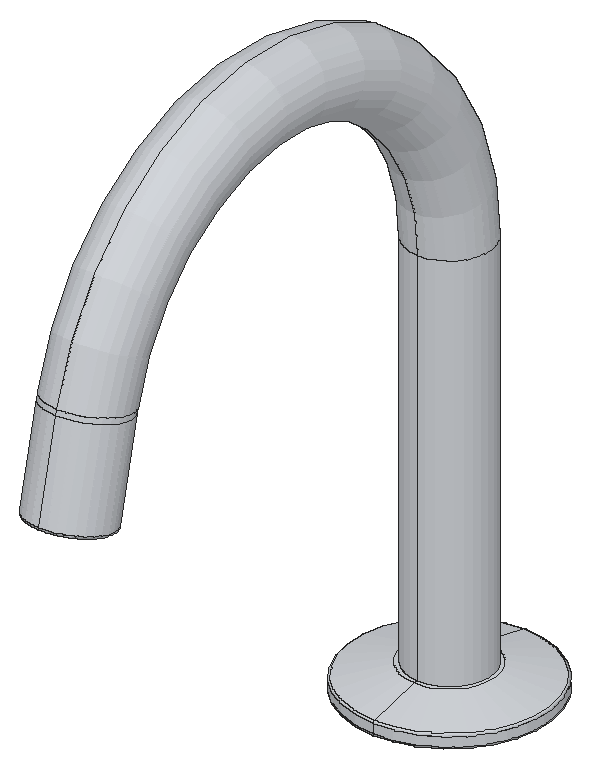
Revit family "Faucet_Touchless-Lavatory-KOHLER-Components-K-103MT79", category Plumbing Fixtures, host Face, Revit 2021
Family settings
  Host = Face
  Round Connector Dimension = Use Diameter
  Part Type = Normal
  OmniClass Number = 23.31.11.00
  Cut with Voids When Loaded = No
  Shared = No
  Room Calculation Point = No
Parameters (values of type "0.5 GPM, CP-Polished Chrome")
  Width = 2.3622"  # constant formula
  WaterSense Certified = 1 = 0  # no
  Waste Water Outlet = "Waste Water Outlet"  # constant formula
  Waste Connection = 1 = 0  # no
  Voltage = 220 V  # constant formula
  Vent Connection = 1 = 0  # no
  URL = "https://www.us.kohler.com/us/"
  Type = 1
  Spout Reach = 5.75591"  # constant formula
  Product Page URL = "http://www.us.kohler.com/us/catalog/productDetails.jsp?productNumber=103MT79-SANA"
  Product Name = "Components"  # constant formula
  Product Documentation Link = "https://www.us.kohler.com/webassets/kpna/catalog/pdf/en/K-103MT79-SANA_spec_US-CA_Kohler_en.pdf"
  Pressure = 0.00 psi
  Model = if(Type = 1, "K-103MT79-SANA-CP", "NA")  # "K-103MT79-SANA-CP"
  Material = "Premium Metal Construction"  # constant formula
  Master Format 2014 Name = "Residential Faucets, Supplies, and Trim"  # constant formula
  Master Format 2014 = "22 41 39"  # constant formula
  Manufacturer Address = "444 Highland Dr, Kohler, WI 53044"  # constant formula
  Manufacturer = "Kohler Co."  # constant formula
  Length = Spout Reach  # 5.75591"
  Hot Water Inlet = "Hot Water Inlet"  # constant formula
  Height = 8.38583"  # constant formula
  HW Connection = 1 = 0  # no
  Flow Rate = 0.5 GPM  # constant formula
  Finish = Kohler-Metal-CP-Polished_Chrome
  Environmental Product Declaration = ""
  Electrical Note = "One Dedicated Circuit Required"  # constant formula
  Electrical Connector = 1 = 1  # yes
  Drain Included = 1 = 1  # yes
  Description = "TB S Deck Mount 0.5 GPM Base AC Cold Only IO"  # constant formula
  Default Elevation = 36"
  Declare Label = ""
  Date Modified = "02/28/2024"  # constant formula
  Date Created = "02/28/2024"  # constant formula
  Copyright = "Copyright Kohler Co."  # constant formula
  Contact Us = "https://www.us.kohler.com/us/static/contact.jsp"
  Cold Water Inlet = "Cold Water Inlet"  # constant formula
  CW Connection = 1 = 1  # yes
  Assembly Code = "D2010"
  Apparent Load = 0 VA
  ADA Compliant = 1 = 0  # no
Reference planes (in)
  plane 1 "Center (Front/Back)": y = 0
  plane 2: z = 0
  plane 3 "Center (Left/Right)": x = 0
  plane 4: y = 1.18111
  plane 5: y = -1.18109
  plane 6: x = -1.1811
  plane 7: x = 1.1811
  plane 8: y = -6.38145
  plane 9: x = -0.49213
  plane 10: x = 0.49213
  plane 11: y = 0.49213
  plane 12: z = 8.38583
  plane 13: z = 4.40945
  plane 14: z = 0.16114
  plane 15: z = 0.31486
  plane 16: z = 0.14187
  plane 17: through (0, 1.1811, 2.80687) normal (0, 0.225, 0.9744)
  plane 18: y = -0.49213
  plane 19: y = -5.75591
Dimensions and locks (in)
  plane 4 to plane 8 = 7.56256"
  plane 6 to plane 7 = 2.3622"
  plane 9 to plane 10 = 0.98425"  (x2)
  plane 8 to plane 1 "Center (Front/Back)" = 6.38145"
  plane 4 to plane 5 = 2.3622"
  "Height": plane 12 to level
  "Width": plane 6 to plane 7
  plane 15 to level = 0.31486"
  plane 13 to level = 4.40945"
  plane 1 "Center (Front/Back)" to plane 8 = 6.38145"
  plane 1 "Center (Front/Back)" to plane 19 = 5.75591"
  level to plane 12 = 8.38583"
  level to plane 13 = 4.40945"
  "Length": plane 1 "Center (Front/Back)" to plane 19
  aligned and locked: plane 2 to host face
  aligned and locked: level to host face
Automatic sketch dimensions
  host sketch curve to host sketch curve = 96"  (x2)
Nested families (in)
  nested 1: "K-103MT79" at (0, 0, 0), type "K-103MT79"
Connectors (in)
  piping at (0, 0, 0), diameter 0.5, driven by "Flow Rate", driven by "CW Connection", driven by "Cold Water Inlet"
    settings: on nested 1, index 1, connector inside diameter 24", connector length 0", flow factor 0, pipe flow 0.5 GPM, pressure drop 0.00 psi, fitting loss kfactor 0, connector angle 0.00°, fixture units 0, engagement length 0", angle of deflection 0.00°, flow configuration 1, flow direction 1, fitting loss method 0, system type 20, joint type 0, gender type 0, connector reference index -1, connector utility 1, adjustable connector no, is connector primary yes, connector description "Cold Water Inlet"
  electrical at (0, 0, 0), driven by "Voltage", driven by "Electrical Connector", driven by "Electrical Note"
    settings: on nested 1, index 2, voltage 220 V, apparent load 0 VA, apparent load phase1 0 VA, apparent load phase2 0 VA, apparent load phase3 0 VA, power factor 1, load classification "Power", number of poles 1, system type 30, power factor state 1, is connector primary yes, connector utility yes, sub classification motor no, connector description "One Dedicated Circuit Required"
Definition of nested family "K-103MT79"
  Parameters
    Material = none
    Default Elevation = 0"
  Reference planes (in)
    plane 1 "Center (Front/Back)": y = 0
    plane 2: z = 0
    plane 3 "Center (Left/Right)": x = 0
    plane 4: z = 8.38583
    plane 5: x = -0.49213
    plane 6: x = 0.49213
    plane 7: x = -1.1811
    plane 8: x = 1.1811
    plane 9: y = 0.49213
    plane 10: y = -0.49213
    plane 11: y = 1.1811
    plane 12: y = -1.1811
    plane 13: z = 4.40945
    plane 14: y = -6.38145
    plane 15: z = 0.31486
    plane 16: z = 0.16114
    plane 17: z = 0.14187
    plane 18 "AA": through (0, -5.85373, 4.45372) normal (0, 0.225, 0.9744)
    plane 19: through (0, -5.44585, 4.35249) normal (0, 0.225, 0.9744)
    plane 20: through (0, -6.01229, 4.4676) normal (0, -0.225, -0.9744)
  Forms (in)
    Revolve 1, solid, material <- "Material", detail levels medium+fine
      sketch origin (0, 0, 0) x (0, 1, 0) y (0, 0, 1)
        loop
          arc (1.16142, 0) -> (1.17534, 0.00577) -> (1.1811, 0.01969) r 0.01969
          line (1.1811, 0.01969) -> (1.1811, 0.13546)
          arc (1.1811, 0.13546) -> (1.17511, 0.1527) -> (1.15971, 0.1625) r 0.02779
          line (1.15971, 0.1625) -> (0.54311, 0.30838)
          arc (0.54311, 0.30838) -> (0.51554, 0.31323) -> (0.4876, 0.31486) r 0.24114
          line (0.4876, 0.31486) -> (0, 0.31486) -> (0, 0) -> (1.16142, 0)
        axis (0, 0.31486) -> (0, 0)
      angle from 0 to 360
    Sweep 2, solid, material <- "Material", detail levels medium+fine
      path origin (0, 0, 0) x (0, 1, 0) y (0, 0, 1)
        loop
          line (-5.71344, 5.30848) -> (-5.62488, 5.69209)
          arc (-5.62488, 5.69209) -> (-2.52644, 7.88185) -> (0, 5.05121) r 2.84895
          line (0, 5.05121) -> (0, 0.21572)
      profile origin (0, 0, 2.63347) x (1, 0, 0) y (0, 1, 0)
        loop
          circle (0, 0) r 0.49213
    Revolve 3, solid, material <- "Material", detail levels medium+fine
      sketch origin (0, 0, 0) x (0, 1, 0) y (0, 0, 1)
        loop
          line (-5.90789, 4.46625) -> (-5.63893, 5.63124) -> (-6.11844, 5.74195) -> (-6.38209, 4.59997)
          arc (-6.38209, 4.59997) -> (-6.3791, 4.58213) -> (-6.36439, 4.57164) r 0.02362
          line (-6.36439, 4.57164) -> (-5.90789, 4.46625)
        axis (-5.63893, 5.63124) -> (-5.90789, 4.46625)
      angle from 0 to 360
    Extrusion 4, void
      sketch origin (0, 0.67997, 2.94529) x (0, 0.97437, -0.224951) y (-1, 0, 0)
        loop
          circle (-6.5984, 0.00027) r 0.28331
      from -0.37167 to 0.45149
    Extrusion 5, solid, detail levels medium+fine
      sketch origin (0, 0.67997, 2.94529) x (0, 0.97437, -0.224951) y (-1, 0, 0)
        loop
          arc (-6.31509, 0.00027) -> (-6.3159, 0.02172) -> (-6.31834, 0.04304) r 0.28331
          line (-6.31834, 0.04304) -> (-6.38091, 0.04304)
          arc (-6.38091, 0.04304) -> (-6.37675, 0.00124) -> (-6.38054, -0.04059) r 0.22165
          line (-6.38054, -0.04059) -> (-6.31805, -0.04059)
          arc (-6.31805, -0.04059) -> (-6.31583, -0.02021) -> (-6.31509, 0.00027) r 0.28331
        loop
          arc (-6.88171, 0.00027) -> (-6.8809, -0.0211) -> (-6.87849, -0.04234) r 0.28331
          line (-6.87849, -0.04234) -> (-6.81592, -0.04234)
          arc (-6.81592, -0.04234) -> (-6.82005, 0.00198) -> (-6.81524, 0.04623) r 0.22165
          line (-6.81524, 0.04623) -> (-6.87796, 0.04623)
          arc (-6.87796, 0.04623) -> (-6.88077, 0.02333) -> (-6.88171, 0.00027) r 0.28331
        loop
          arc (-6.78469, 0.12038) -> (-6.75625, 0.15588) -> (-6.72116, 0.18483) r 0.22165
          line (-6.72116, 0.18483) -> (-6.76544, 0.2291)
          arc (-6.76544, 0.2291) -> (-6.79984, 0.19949) -> (-6.82907, 0.16476) r 0.28331
          line (-6.82907, 0.16476) -> (-6.78469, 0.12038)
        loop
          arc (-6.64461, 0.21706) -> (-6.60315, 0.22188) -> (-6.56153, 0.21884) r 0.22165
          line (-6.56153, 0.21884) -> (-6.56153, 0.28117)
          arc (-6.56153, 0.28117) -> (-6.60312, 0.28354) -> (-6.64461, 0.27979) r 0.28331
          line (-6.64461, 0.27979) -> (-6.64461, 0.21706)
        loop
          arc (-6.47706, 0.18576) -> (-6.44304, 0.15836) -> (-6.41504, 0.12482) r 0.22165
          line (-6.41504, 0.12482) -> (-6.37084, 0.16903)
          arc (-6.37084, 0.16903) -> (-6.40139, 0.20386) -> (-6.43721, 0.23326) r 0.28331
          line (-6.43721, 0.23326) -> (-6.47706, 0.18576)
        loop
          arc (-6.41731, -0.12754) -> (-6.44401, -0.15876) -> (-6.47601, -0.18453) r 0.22165
          line (-6.47601, -0.18453) -> (-6.43172, -0.22882)
          arc (-6.43172, -0.22882) -> (-6.39663, -0.19861) -> (-6.36693, -0.16309) r 0.28331
          line (-6.36693, -0.16309) -> (-6.41731, -0.12754)
        loop
          arc (-6.55791, -0.21765) -> (-6.6011, -0.22137) -> (-6.64419, -0.2166) r 0.22165
          line (-6.64419, -0.2166) -> (-6.64419, -0.27931)
          arc (-6.64419, -0.27931) -> (-6.60108, -0.28302) -> (-6.55791, -0.28013) r 0.28331
          line (-6.55791, -0.28013) -> (-6.55791, -0.21765)
        loop
          line (-6.78424, -0.12053) -> (-6.82859, -0.16488)
          arc (-6.82859, -0.16488) -> (-6.79802, -0.20077) -> (-6.76192, -0.23109) r 0.28331
          line (-6.76192, -0.23109) -> (-6.72301, -0.18304)
          arc (-6.72301, -0.18304) -> (-6.75674, -0.15484) -> (-6.78424, -0.12053) r 0.22165
      from -0.01199 to 0.52506
    Extrusion 6, solid, detail levels medium+fine
      sketch origin (0, 0.67997, 2.94529) x (0, 0.97437, -0.224951) y (-1, 0, 0)
        loop
          circle (-6.5984, 0.00027) r 0.18057
        loop
          circle (-6.5984, 0.00027) r 0.0353
        loop
          line (-6.70759, 0.00197) -> (-6.69186, -0.02527) -> (-6.6604, -0.02527) -> (-6.64467, 0.00197) -> (-6.6604, 0.02922) -> (-6.69186, 0.02922) -> (-6.70759, 0.00197)
        loop
          line (-6.70759, -0.06957) -> (-6.69186, -0.09681) -> (-6.6604, -0.09681) -> (-6.64467, -0.06957) -> (-6.6604, -0.04232) -> (-6.69186, -0.04232) -> (-6.70759, -0.06957)
        loop
          line (-6.49076, -0.0011) -> (-6.50648, 0.02614) -> (-6.53794, 0.02614) -> (-6.55367, -0.0011) -> (-6.53794, -0.02835) -> (-6.50648, -0.02835) -> (-6.49076, -0.0011)
        loop
          line (-6.49076, -0.07264) -> (-6.50648, -0.0454) -> (-6.53794, -0.0454) -> (-6.55367, -0.07264) -> (-6.53794, -0.09988) -> (-6.50648, -0.09988) -> (-6.49076, -0.07264)
        loop
          line (-6.70759, 0.07351) -> (-6.69186, 0.04626) -> (-6.6604, 0.04626) -> (-6.64467, 0.07351) -> (-6.6604, 0.10075) -> (-6.69186, 0.10075) -> (-6.70759, 0.07351)
        loop
          line (-6.49076, 0.07043) -> (-6.50648, 0.09768) -> (-6.53794, 0.09768) -> (-6.55367, 0.07043) -> (-6.53794, 0.04319) -> (-6.50648, 0.04319) -> (-6.49076, 0.07043)
        loop
          line (-6.56809, 0.06428) -> (-6.58382, 0.09152) -> (-6.61528, 0.09152) -> (-6.63101, 0.06428) -> (-6.61528, 0.03704) -> (-6.58382, 0.03704) -> (-6.56809, 0.06428)
        loop
          line (-6.56809, 0.12988) -> (-6.58382, 0.15712) -> (-6.61528, 0.15712) -> (-6.63101, 0.12988) -> (-6.61528, 0.10264) -> (-6.58382, 0.10264) -> (-6.56809, 0.12988)
        loop
          line (-6.56809, -0.06681) -> (-6.58382, -0.03957) -> (-6.61528, -0.03957) -> (-6.63101, -0.06681) -> (-6.61528, -0.09406) -> (-6.58382, -0.09406) -> (-6.56809, -0.06681)
        loop
          line (-6.56809, -0.13241) -> (-6.58382, -0.10517) -> (-6.61528, -0.10517) -> (-6.63101, -0.13241) -> (-6.61528, -0.15966) -> (-6.58382, -0.15966) -> (-6.56809, -0.13241)
      from 0.02783 to 0.69865
    Extrusion 7, solid, detail levels medium+fine
      sketch origin (0, 0.67997, 2.94529) x (0, 0.97437, -0.224951) y (-1, 0, 0)
        loop
          circle (-6.5984, 0.00027) r 0.18057
        loop
          circle (-6.5984, 0.00027) r 0.20412
      from 0 to 0.45149
    Extrusion 8, solid, detail levels medium+fine
      sketch origin (0, 0.67997, 2.94529) x (0, 0.97437, -0.224951) y (-1, 0, 0)
        loop
          circle (-6.5984, 0.00027) r 0.28331
        loop
          circle (-6.5984, 0.00027) r 0.20412
      from 0.03685 to 1.13893
    Extrusion 9, solid, material <- "Material"
      sketch origin (0, 0, 0) x (1, 0, 0) y (0, 1, 0)
        loop
          circle (0, 0) r 0.09843
      from 0 to 0.21572
    Revolve 10, solid, material <- "Material", detail levels coarse
      sketch origin (0, 0, 0) x (0, 1, 0) y (0, 0, 1)
        loop
          line (1.1811, 0) -> (1.1811, 0.12604)
          arc (1.1811, 0.12604) -> (1.17252, 0.15058) -> (1.1505, 0.16442) r 0.03937
          line (1.1505, 0.16442) -> (0.53899, 0.30415)
          arc (0.53899, 0.30415) -> (0.49182, 0.31217) -> (0.44405, 0.31486) r 0.42621
          line (0.44405, 0.31486) -> (0, 0.31486) -> (0, 0) -> (1.1811, 0)
        axis (0, 0.31486) -> (0, 0)
      angle from 0 to 360
    Sweep 11, solid, material <- "Material", detail levels coarse
      path origin (0, 0, 0) x (0, 1, 0) y (0, 0, 1)
        loop
          line (-5.90344, 4.46875) -> (-5.63491, 5.63187)
          arc (-5.63491, 5.63187) -> (-2.53094, 7.82553) -> (0, 4.98985) r 2.85403
          line (0, 4.98985) -> (0, 0.14187)
      profile origin (0, 0, 2.56586) x (1, 0, 0) y (0, 1, 0)
        loop
          circle (0, 0) r 0.49213
    Extrusion 12, solid, detail levels coarse
      sketch origin (0, 0.67997, 2.94529) x (0, 0.97437, -0.224951) y (-1, 0, 0)
        loop
          circle (-6.5984, 0.00027) r 0.28331
      from 0.00347 to 0.69865
  Cuts and joins
    Extrusion 4 cuts Revolve 3
    joined: Sweep 2, Revolve 3
    Extrusion 4 cuts Sweep 11
  Lines and regions (in)
    Masking region 1
      outline origin (0, 0, 0) x (1, 0, 0) y (0, 1, 0)
        loop
          arc (-1.1811, 0) -> (-0.99405, -0.63787) -> (-0.49213, -1.07369) r 1.1811
          line (-0.49213, -1.07369) -> (-0.49213, -5.91883)
          arc (-0.49213, -5.91883) -> (-0.42001, -6.14984) -> (-0.24592, -6.31793) r 0.48878
          arc (-0.24592, -6.31793) -> (-0.12704, -6.3653) -> (-0.00009, -6.38145) r 0.50783
          arc (-0.00009, -6.38145) -> (0.12695, -6.36532) -> (0.24592, -6.31793) r 0.50783
          arc (0.24592, -6.31793) -> (0.41953, -6.15066) -> (0.49213, -5.92077) r 0.48901
          line (0.49213, -5.92077) -> (0.49213, -1.07369)
          arc (0.49213, -1.07369) -> (0.99405, -0.63787) -> (1.1811, 0) r 1.1811
          arc (1.1811, 0) -> (0.83517, 0.83517) -> (0, 1.1811) r 1.1811
          arc (0, 1.1811) -> (-0.83517, 0.83517) -> (-1.1811, 0) r 1.1811
    Masking region 2
      outline origin (0, 0, 0) x (1, 0, 0) y (0, 0, 1)
        loop
          line (-0.49213, 7.93018) -> (-0.49213, 0.31486)
          arc (-0.49213, 0.31486) -> (-0.51164, 0.31351) -> (-0.53089, 0.31006) r 0.18147
          line (-0.53089, 0.31006) -> (-1.16266, 0.16145)
          arc (-1.16266, 0.16145) -> (-1.17593, 0.15302) -> (-1.1811, 0.13817) r 0.02392
          line (-1.1811, 0.13817) -> (-1.1811, 0.01969)
          arc (-1.1811, 0.01969) -> (-1.17534, 0.00577) -> (-1.16142, 0) r 0.01969
          line (-1.16142, 0) -> (1.16142, 0)
          arc (1.16142, 0) -> (1.17534, 0.00577) -> (1.1811, 0.01969) r 0.01969
          line (1.1811, 0.01969) -> (1.1811, 0.13817)
          arc (1.1811, 0.13817) -> (1.17593, 0.15302) -> (1.16266, 0.16145) r 0.02392
          line (1.16266, 0.16145) -> (0.53089, 0.31006)
          arc (0.53089, 0.31006) -> (0.51164, 0.31351) -> (0.49213, 0.31486) r 0.18147
          line (0.49213, 0.31486) -> (0.49213, 7.92885)
          arc (0.49213, 7.92885) -> (0.419, 8.15082) -> (0.25292, 8.31524) r 0.49959
          arc (0.25292, 8.31524) -> (0.13129, 8.36785) -> (0, 8.38583) r 0.48843
          arc (0, 8.38583) -> (-0.13129, 8.36785) -> (-0.25292, 8.31524) r 0.48843
          arc (-0.25292, 8.31524) -> (-0.41868, 8.15139) -> (-0.49213, 7.93018) r 0.49987
    Masking region 3
      outline origin (0, 0, 0) x (0, 1, 0) y (0, 0, 1)
        loop
          arc (1.16142, 0) -> (1.17534, 0.00577) -> (1.1811, 0.01969) r 0.01969
          line (1.1811, 0.01969) -> (1.1811, 0.1388)
          arc (1.1811, 0.1388) -> (1.176, 0.15346) -> (1.16291, 0.16179) r 0.02362
          line (1.16291, 0.16179) -> (0.53614, 0.30987)
          arc (0.53614, 0.30987) -> (0.51428, 0.31368) -> (0.49213, 0.31486) r 0.18633
          line (0.49213, 0.31486) -> (0.49213, 5.04589)
          arc (0.49213, 5.04589) -> (-0.46891, 7.39279) -> (-2.80245, 8.38583) r 3.33605
          arc (-2.80245, 8.38583) -> (-3.17699, 8.36955) -> (-3.54738, 8.3116) r 3.35661
          arc (-3.54738, 8.3116) -> (-5.19054, 7.42612) -> (-6.10192, 5.79719) r 3.33982
          line (-6.10192, 5.79719) -> (-6.38095, 4.58856)
          arc (-6.38095, 4.58856) -> (-6.37847, 4.57372) -> (-6.36621, 4.56497) r 0.01967
          line (-6.36621, 4.56497) -> (-6.03805, 4.48921) -> (-6.01229, 4.4676) -> (-5.49766, 4.34878) -> (-5.44585, 4.35249)
          arc (-5.44585, 4.35249) -> (-5.4303, 4.35509) -> (-5.42114, 4.36794) r 0.02061
          line (-5.42114, 4.36794) -> (-5.14297, 5.5728)
          arc (-5.14297, 5.5728) -> (-2.58107, 7.38337) -> (-0.49213, 5.0429) r 2.35561
          line (-0.49213, 5.0429) -> (-0.49213, 0.31486)
          arc (-0.49213, 0.31486) -> (-0.51428, 0.31368) -> (-0.53614, 0.30987) r 0.18633
          line (-0.53614, 0.30987) -> (-1.16291, 0.16179)
          arc (-1.16291, 0.16179) -> (-1.176, 0.15346) -> (-1.1811, 0.1388) r 0.02362
          line (-1.1811, 0.1388) -> (-1.1811, 0.01969)
          arc (-1.1811, 0.01969) -> (-1.17534, 0.00577) -> (-1.16142, 0) r 0.01969
          line (-1.16142, 0) -> (1.16142, 0)
    symbolic lines, detail levels medium+fine
      curve 1: line (-0.49213, 0, 0) -> (-0.49213, -1.1811, 0)
      curve 2: line (0.49213, 0, 0) -> (0.49213, -1.1811, 0)
      curve 3: arc (-0.39755, 0.27432, 0) -> (0.00535, 0.49216, 0) -> (0.40825, 0.27432, 0) r 0.48151
      curve 4: arc (-0.49213, 0, 0) -> (-0.4619, 0.14304, 0) -> (-0.39755, 0.27432, 0) r 0.59227
      curve 5: arc (0.40825, 0.27432, 0) -> (0.46971, 0.14313, 0) -> (0.49213, 0, 0) r 0.51409
      curve 6: arc (0.49213, -0.20753, 0) -> (0, 0.5341, 0) -> (-0.49213, -0.20753, 0) r 0.5341
      curve 7: arc (0.49213, -1.05486, 0) -> (0, 1.16401, 0) -> (-0.49213, -1.05486, 0) r 1.16401
      curve 8: arc (-0.49213, -5.45945, 0) -> (0, -5.95158, 0) -> (0.49213, -5.45945, 0) r 0.49213
      curve 9: line (-1.18068, 0, 0.14187) -> (1.18069, 0, 0.14187)
      curve 10: line (-0.49213, 0, 0.31486) -> (0.49213, 0, 0.31486)
      curve 11: line (-0.53089, 0, 0.31006) -> (0.53089, 0, 0.31006)
      curve 12: spline (0.25988, 0, 4.45554) -> (0.23293, 0, 4.46763) -> (0.19768, 0, 4.47819) -> (0.15537, 0, 4.48685) -> (0.10753, 0, 4.4933) -> (0.05586, 0, 4.4973) -> (0.00219, 0, 4.49873) -> (-0.05155, 0, 4.49752) -> (-0.10346, 0, 4.49371) -> (-0.15168, 0, 4.48746) -> (-0.19449, 0, 4.47897) -> (-0.23036, 0, 4.46854) -> (-0.25803, 0, 4.45657)
      curve 13: line (-0.04189, 0, 4.35394) -> (-0.04189, 0, 4.40945)
      curve 14: line (-0.04189, 0, 4.40945) -> (0.03963, 0, 4.40945)
      curve 15: line (0.03963, 0, 4.40945) -> (0.03963, 0, 4.35394)
      curve 16: line (0.03963, 0, 4.35394) -> (-0.04189, 0, 4.35394)
      curve 17: line (0.12213, 0, 4.40945) -> (0.12213, 0, 4.36637)
      curve 18: line (0.12213, 0, 4.36637) -> (0.18417, 0, 4.383)
      curve 19: line (0.18417, 0, 4.383) -> (0.18417, 0, 4.42226)
      curve 20: line (0.18417, 0, 4.42226) -> (0.12213, 0, 4.40945)
      curve 21: line (0.18417, 0, 4.42226) -> (0.21935, 0, 4.40945)
      curve 22: line (0.21935, 0, 4.40945) -> (0.21935, 0, 4.37854)
      curve 23: line (0.21935, 0, 4.37854) -> (0.18417, 0, 4.383)
      curve 24: line (0.12213, 0, 4.36637) -> (0.15247, 0, 4.36253)
      curve 25: line (0.15247, 0, 4.36253) -> (0.21935, 0, 4.37854)
      curve 26: line (-0.12213, 0, 4.40945) -> (-0.12213, 0, 4.36637)
      curve 27: line (-0.12213, 0, 4.36637) -> (-0.18417, 0, 4.383)
      curve 28: line (-0.18417, 0, 4.383) -> (-0.18417, 0, 4.42226)
      curve 29: line (-0.18417, 0, 4.42226) -> (-0.12213, 0, 4.40945)
      curve 30: line (-0.18417, 0, 4.42226) -> (-0.21935, 0, 4.40945)
      curve 31: line (-0.21935, 0, 4.40945) -> (-0.21935, 0, 4.37854)
      curve 32: line (-0.21935, 0, 4.37854) -> (-0.18417, 0, 4.383)
      curve 33: line (-0.12213, 0, 4.36637) -> (-0.15234, 0, 4.36254)
      curve 34: line (-0.15234, 0, 4.36254) -> (-0.21935, 0, 4.37854)
      curve 35: line (-0.04189, 0, 4.49793) -> (-0.04189, 0, 4.46004)
      curve 36: line (-0.04189, 0, 4.46004) -> (0.03963, 0, 4.46004)
      curve 37: line (0.03963, 0, 4.46004) -> (0.03963, 0, 4.49802)
      curve 38: line (-0.04189, 0, 4.46986) -> (0.03963, 0, 4.46986)
      curve 39: line (0.12579, 0, 4.44362) -> (0.15837, 0, 4.45235)
      curve 40: line (0.15837, 0, 4.45235) -> (0.21416, 0, 4.4374)
      curve 41: line (0.12579, 0, 4.44362) -> (0.12579, 0, 4.49118)
      curve 42: line (0.15837, 0, 4.45235) -> (0.15837, 0, 4.48634)
      curve 43: line (0.21416, 0, 4.4374) -> (0.21416, 0, 4.47375)
      curve 44: line (0.21416, 0, 4.4374) -> (0.18417, 0, 4.42937)
      curve 45: line (0.18417, 0, 4.42937) -> (0.12579, 0, 4.44362)
      curve 46: line (0.21935, 0, 4.4551) -> (0.21935, 0, 4.4175)
      curve 47: line (0.21935, 0, 4.4175) -> (0.25911, 0, 4.4175)
      curve 48: line (0.25911, 0, 4.4175) -> (0.25911, 0, 4.4551)
      curve 49: line (0.25911, 0, 4.4551) -> (0.21935, 0, 4.4551)
      curve 50: line (-0.12579, 0, 4.44362) -> (-0.15837, 0, 4.45235)
      curve 51: line (-0.15837, 0, 4.45235) -> (-0.21416, 0, 4.4374)
      curve 52: line (-0.12579, 0, 4.44362) -> (-0.12579, 0, 4.49118)
      curve 53: line (-0.15837, 0, 4.45235) -> (-0.15837, 0, 4.48634)
      curve 54: line (-0.21416, 0, 4.4374) -> (-0.21416, 0, 4.47375)
      curve 55: line (-0.21416, 0, 4.4374) -> (-0.18417, 0, 4.42937)
      curve 56: line (-0.18417, 0, 4.42937) -> (-0.12579, 0, 4.44362)
      curve 57: line (-0.21935, 0, 4.4551) -> (-0.21935, 0, 4.4175)
      curve 58: line (-0.21935, 0, 4.4175) -> (-0.25988, 0, 4.4175)
      curve 59: line (-0.25988, 0, 4.4175) -> (-0.25988, 0, 4.4551)
      curve 60: line (-0.25988, 0, 4.4551) -> (-0.21935, 0, 4.4551)
      curve 61: spline (-0.03343, 0, 4.44434) -> (-0.03229, 0, 4.44631) -> (-0.02895, 0, 4.44815) -> (-0.02364, 0, 4.44972) -> (-0.01672, 0, 4.45093) -> (-0.00865, 0, 4.45169) -> (0, 0, 4.45195) -> (0.00865, 0, 4.45169) -> (0.01672, 0, 4.45093) -> (0.02364, 0, 4.44972) -> (0.02895, 0, 4.44815) -> (0.03229, 0, 4.44631) -> (0.03343, 0, 4.44434) -> (0.03229, 0, 4.44238) -> (0.02895, 0, 4.44054) -> (0.02364, 0, 4.43897) -> (0.01672, 0, 4.43776) -> (0.00865, 0, 4.437) -> (0, 0, 4.43674) -> (-0.00865, 0, 4.437) -> (-0.01672, 0, 4.43776) -> (-0.02364, 0, 4.43897) -> (-0.02895, 0, 4.44054) -> (-0.03229, 0, 4.44238) -> (-0.03343, 0, 4.44434)
      curve 62: spline (0.03997, 0, 4.44127) -> (0.0411, 0, 4.44324) -> (0.04444, 0, 4.44507) -> (0.04976, 0, 4.44664) -> (0.05668, 0, 4.44785) -> (0.06475, 0, 4.44861) -> (0.0734, 0, 4.44887) -> (0.08205, 0, 4.44861) -> (0.09012, 0, 4.44785) -> (0.09704, 0, 4.44664) -> (0.10235, 0, 4.44507) -> (0.10569, 0, 4.44324) -> (0.10683, 0, 4.44127) -> (0.10569, 0, 4.4393) -> (0.10235, 0, 4.43747) -> (0.09704, 0, 4.43589) -> (0.09012, 0, 4.43468) -> (0.08205, 0, 4.43392) -> (0.0734, 0, 4.43366) -> (0.06475, 0, 4.43392) -> (0.05668, 0, 4.43468) -> (0.04976, 0, 4.43589) -> (0.04444, 0, 4.43747) -> (0.0411, 0, 4.4393) -> (0.03997, 0, 4.44127)
      curve 63: spline (0.04455, 0, 4.47294) -> (0.04569, 0, 4.47491) -> (0.04903, 0, 4.47674) -> (0.05434, 0, 4.47832) -> (0.06127, 0, 4.47952) -> (0.06933, 0, 4.48028) -> (0.07798, 0, 4.48054) -> (0.08664, 0, 4.48028) -> (0.0947, 0, 4.47952) -> (0.10163, 0, 4.47832) -> (0.10694, 0, 4.47674) -> (0.11028, 0, 4.47491) -> (0.11142, 0, 4.47294) -> (0.11028, 0, 4.47097) -> (0.10694, 0, 4.46914) -> (0.10163, 0, 4.46756) -> (0.0947, 0, 4.46635) -> (0.08664, 0, 4.4656) -> (0.07798, 0, 4.46534) -> (0.06933, 0, 4.4656) -> (0.06127, 0, 4.46635) -> (0.05434, 0, 4.46756) -> (0.04903, 0, 4.46914) -> (0.04569, 0, 4.47097) -> (0.04455, 0, 4.47294)
      curve 64: spline (-0.03997, 0, 4.44127) -> (-0.0411, 0, 4.44324) -> (-0.04444, 0, 4.44507) -> (-0.04976, 0, 4.44664) -> (-0.05668, 0, 4.44785) -> (-0.06475, 0, 4.44861) -> (-0.0734, 0, 4.44887) -> (-0.08205, 0, 4.44861) -> (-0.09012, 0, 4.44785) -> (-0.09704, 0, 4.44664) -> (-0.10235, 0, 4.44507) -> (-0.10569, 0, 4.44324) -> (-0.10683, 0, 4.44127) -> (-0.10569, 0, 4.4393) -> (-0.10235, 0, 4.43747) -> (-0.09704, 0, 4.43589) -> (-0.09012, 0, 4.43468) -> (-0.08205, 0, 4.43392) -> (-0.0734, 0, 4.43366) -> (-0.06475, 0, 4.43392) -> (-0.05668, 0, 4.43468) -> (-0.04976, 0, 4.43589) -> (-0.04444, 0, 4.43747) -> (-0.0411, 0, 4.4393) -> (-0.03997, 0, 4.44127)
      curve 65: spline (-0.04455, 0, 4.47294) -> (-0.04569, 0, 4.47491) -> (-0.04903, 0, 4.47674) -> (-0.05434, 0, 4.47832) -> (-0.06127, 0, 4.47952) -> (-0.06933, 0, 4.48028) -> (-0.07798, 0, 4.48054) -> (-0.08664, 0, 4.48028) -> (-0.0947, 0, 4.47952) -> (-0.10163, 0, 4.47832) -> (-0.10694, 0, 4.47674) -> (-0.11028, 0, 4.47491) -> (-0.11142, 0, 4.47294) -> (-0.11028, 0, 4.47097) -> (-0.10694, 0, 4.46914) -> (-0.10163, 0, 4.46756) -> (-0.0947, 0, 4.46635) -> (-0.08664, 0, 4.4656) -> (-0.07798, 0, 4.46534) -> (-0.06933, 0, 4.4656) -> (-0.06127, 0, 4.46635) -> (-0.05434, 0, 4.46756) -> (-0.04903, 0, 4.46914) -> (-0.04569, 0, 4.47097) -> (-0.04455, 0, 4.47294)
      curve 66: spline (-0.03343, 0, 4.42023) -> (-0.03229, 0, 4.41826) -> (-0.02895, 0, 4.41642) -> (-0.02364, 0, 4.41485) -> (-0.01672, 0, 4.41364) -> (-0.00865, 0, 4.41288) -> (0, 0, 4.41262) -> (0.00865, 0, 4.41288) -> (0.01672, 0, 4.41364) -> (0.02364, 0, 4.41485) -> (0.02895, 0, 4.41642) -> (0.03229, 0, 4.41826) -> (0.03343, 0, 4.42023) -> (0.03229, 0, 4.42219) -> (0.02895, 0, 4.42403) -> (0.02364, 0, 4.4256) -> (0.01672, 0, 4.42681) -> (0.00865, 0, 4.42757) -> (0, 0, 4.42783) -> (-0.00865, 0, 4.42757) -> (-0.01672, 0, 4.42681) -> (-0.02364, 0, 4.4256) -> (-0.02895, 0, 4.42403) -> (-0.03229, 0, 4.42219) -> (-0.03343, 0, 4.42023)
      curve 67: spline (0.03997, 0, 4.42171) -> (0.0411, 0, 4.41974) -> (0.04444, 0, 4.41791) -> (0.04976, 0, 4.41633) -> (0.05668, 0, 4.41512) -> (0.06475, 0, 4.41436) -> (0.0734, 0, 4.41411) -> (0.08205, 0, 4.41436) -> (0.09012, 0, 4.41512) -> (0.09704, 0, 4.41633) -> (0.10235, 0, 4.41791) -> (0.10569, 0, 4.41974) -> (0.10683, 0, 4.42171) -> (0.10569, 0, 4.42368) -> (0.10235, 0, 4.42551) -> (0.09704, 0, 4.42709) -> (0.09012, 0, 4.42829) -> (0.08205, 0, 4.42905) -> (0.0734, 0, 4.42931) -> (0.06475, 0, 4.42905) -> (0.05668, 0, 4.42829) -> (0.04976, 0, 4.42709) -> (0.04444, 0, 4.42551) -> (0.0411, 0, 4.42368) -> (0.03997, 0, 4.42171)
      curve 68: spline (-0.03997, 0, 4.42171) -> (-0.0411, 0, 4.41974) -> (-0.04444, 0, 4.41791) -> (-0.04976, 0, 4.41633) -> (-0.05668, 0, 4.41512) -> (-0.06475, 0, 4.41436) -> (-0.0734, 0, 4.41411) -> (-0.08205, 0, 4.41436) -> (-0.09012, 0, 4.41512) -> (-0.09704, 0, 4.41633) -> (-0.10235, 0, 4.41791) -> (-0.10569, 0, 4.41974) -> (-0.10683, 0, 4.42171) -> (-0.10569, 0, 4.42368) -> (-0.10235, 0, 4.42551) -> (-0.09704, 0, 4.42709) -> (-0.09012, 0, 4.42829) -> (-0.08205, 0, 4.42905) -> (-0.0734, 0, 4.42931) -> (-0.06475, 0, 4.42905) -> (-0.05668, 0, 4.42829) -> (-0.04976, 0, 4.42709) -> (-0.04444, 0, 4.42551) -> (-0.0411, 0, 4.42368) -> (-0.03997, 0, 4.42171)
      curve 69: spline (0.49213, 0, 4.45639) -> (0.47536, 0, 4.48537) -> (0.42619, 0, 4.51238) -> (0.34799, 0, 4.53557) -> (0.24606, 0, 4.55337) -> (0.12737, 0, 4.56456) -> (0, 0, 4.56837) -> (-0.12737, 0, 4.56456) -> (-0.24606, 0, 4.55337) -> (-0.34799, 0, 4.53557) -> (-0.42619, 0, 4.51238) -> (-0.47536, 0, 4.48537) -> (-0.49213, 0, 4.45639) -> (-0.47536, 0, 4.42741) -> (-0.42619, 0, 4.4004) -> (-0.34799, 0, 4.37721) -> (-0.24606, 0, 4.35941) -> (-0.12737, 0, 4.34823) -> (0, 0, 4.34441) -> (0.12737, 0, 4.34823) -> (0.24606, 0, 4.35941) -> (0.34799, 0, 4.37721) -> (0.42619, 0, 4.4004) -> (0.47536, 0, 4.42741) -> (0.49213, 0, 4.45639)
      curve 70: arc (-0.12213, 0, 4.38791) -> (-0.08221, 0, 4.38217) -> (-0.04189, 0, 4.3817) r 0.30826
      curve 71: arc (0.12213, 0, 4.38791) -> (0.08108, 0, 4.38209) -> (0.03963, 0, 4.38183) r 0.30826
      curve 72: arc (-0.16468, 0, 4.43413) -> (-0.10506, 0, 4.41292) -> (-0.04189, 0, 4.40901) r 0.22684
      curve 73: arc (0.16468, 0, 4.43413) -> (0.10392, 0, 4.41269) -> (0.03958, 0, 4.4092) r 0.22684
      curve 74: arc (-0.34839, 0, 5.76275) -> (0.00004, 0, 5.79463) -> (0.34847, 0, 5.76275) r 1.92003
      curve 75: arc (-0.49213, 0, 5.69298) -> (-0.42498, 0, 5.7376) -> (-0.34839, 0, 5.76275) r 0.30019
      curve 76: arc (0.49213, 0, 5.69298) -> (0.42498, 0, 5.7376) -> (0.34839, 0, 5.76275) r 0.30019
      curve 77: spline (0.49208, 0, 4.47021) -> (0.47386, 0, 4.49892) -> (0.42386, 0, 4.5256) -> (0.34542, 0, 4.54846) -> (0.24381, 0, 4.56597) -> (0.12584, 0, 4.57695) -> (-0.00057, 0, 4.58068) -> (-0.12694, 0, 4.57689) -> (-0.24479, 0, 4.56584) -> (-0.34623, 0, 4.54828) -> (-0.42443, 0, 4.52537) -> (-0.47417, 0, 4.49867) -> (-0.49209, 0, 4.46995)
      curve 78: spline (0.49208, 0, 4.44257) -> (0.47386, 0, 4.41387) -> (0.42386, 0, 4.38719) -> (0.34542, 0, 4.36433) -> (0.24381, 0, 4.34682) -> (0.12584, 0, 4.33583) -> (-0.00057, 0, 4.33211) -> (-0.12694, 0, 4.3359) -> (-0.24479, 0, 4.34694) -> (-0.34623, 0, 4.36451) -> (-0.42443, 0, 4.38741) -> (-0.47417, 0, 4.41412) -> (-0.49209, 0, 4.44283)
      curve 79: arc (-0.19568, 0, 4.41806) -> (-0.20765, 0, 4.42379) -> (-0.21935, 0, 4.43005) r 0.29657
      curve 80: arc (0.19568, 0, 4.41806) -> (0.20765, 0, 4.42379) -> (0.21935, 0, 4.43005) r 0.29657
      curve 81: spline (-0.25803, 0, 4.45657) -> (-0.28401, 0, 4.4329) -> (-0.27851, 0, 4.40833) -> (-0.24213, 0, 4.3856) -> (-0.17892, 0, 4.36721) -> (-0.09587, 0, 4.35521) -> (-0.00219, 0, 4.35093) -> (0.09173, 0, 4.35484) -> (0.17548, 0, 4.36651) -> (0.23978, 0, 4.38464) -> (0.2775, 0, 4.40723) -> (0.28445, 0, 4.43177) -> (0.25988, 0, 4.45554)
      curve 82: line (0, -5.42611, 4.35856) -> (0, -6.38069, 4.57894)
      curve 83: line (0, 0.49213, 0.31486) -> (0, -0.49213, 0.31486)
      curve 84: line (0, 0.53614, 0.30987) -> (0, -0.53614, 0.30987)
      curve 85: line (0, 0.49213, 5.04589) -> (0, -0.49225, 5.04589)
      curve 86: line (0, -5.14297, 5.5728) -> (0, -6.10285, 5.79315)
      curve 87: line (0, -5.44585, 4.35249) -> (0, -6.03805, 4.48921)
      curve 88: circle (0, 0, 4.97671) r 0.01969 normal (0, -1, 0)
      curve 89: arc (-0.06887, 0, 4.86398) -> (0.00039, 0, 4.8474) -> (0.06956, 0, 4.86434) r 0.15133
      curve 90: arc (-0.02949, 0, 4.90832) -> (0.00154, 0, 4.9029) -> (0.03235, 0, 4.90947) r 0.08277
      curve 91: arc (-0.05662, 0, 4.88909) -> (-0.00047, 0, 4.87748) -> (0.05496, 0, 4.89213) r 0.12512
      curve 92: arc (0.05496, 0, 4.89213) -> (0.07624, 0, 4.88558) -> (0.06956, 0, 4.86434) r 0.0157
      curve 93: arc (-0.06887, 0, 4.86398) -> (-0.07507, 0, 4.88254) -> (-0.05662, 0, 4.88909) r 0.01397
      curve 94: arc (-0.01987, 0, 4.93038) -> (0.00153, 0, 4.92533) -> (0.02297, 0, 4.93018) r 0.04885
      curve 95: arc (0.02297, 0, 4.93018) -> (0.03826, 0, 4.92463) -> (0.03235, 0, 4.90947) r 0.01137
      curve 96: arc (-0.02949, 0, 4.90832) -> (-0.03624, 0, 4.92439) -> (-0.01987, 0, 4.93038) r 0.01204
      curve 97: line (-1.16353, 0, 0.16114) -> (1.16353, 0, 0.16114)
      curve 98: line (-1.17861, 0, 0.0102) -> (1.17861, 0, 0.0102)
      curve 99: line (0, 1.1647, 0.16114) -> (0, -1.16472, 0.16114)
      curve 100: line (0, 1.18076, 0.14187) -> (0, -1.18076, 0.14187)
      curve 101: line (0, 1.17861, 0.0102) -> (0, -1.17861, 0.0102)
      curve 102: line (-0.06945, -6.29084, 0) -> (-0.00014, -6.29084, 0)
      curve 103: line (-0.00014, -6.31053, 0) -> (-0.06945, -6.31053, 0)
      curve 104: arc (-0.06945, -6.31053, 0) -> (-0.07929, -6.30069, 0) -> (-0.06945, -6.29084, 0) r 0.00984
      curve 105: line (-0.05054, -6.26502, 0) -> (-0.00014, -6.26502, 0)
      curve 106: line (-0.00014, -6.28471, 0) -> (-0.05054, -6.28471, 0)
      curve 107: arc (-0.05054, -6.28471, 0) -> (-0.06039, -6.27487, 0) -> (-0.05054, -6.26502, 0) r 0.00984
      curve 108: line (0.06917, -6.29084, 0) -> (-0.00014, -6.29084, 0)
      curve 109: line (-0.00014, -6.31053, 0) -> (0.06917, -6.31053, 0)
      curve 110: arc (0.06917, -6.31053, 0) -> (0.07901, -6.30069, 0) -> (0.06917, -6.29084, 0) r 0.00984
      curve 111: line (0.05026, -6.26502, 0) -> (-0.00014, -6.26502, 0)
      curve 112: line (-0.00014, -6.28471, 0) -> (0.05026, -6.28471, 0)
      curve 113: arc (0.05026, -6.28471, 0) -> (0.06011, -6.27487, 0) -> (0.05026, -6.26502, 0) r 0.00984
      curve 114: circle (0, -6.24706, 0) r 0.00984 normal (0, 0, 1)
  Dimensions and locks (in)
    plane 4 to level = 8.38583"  (x2)
    plane 9 to plane 10 = 0.98425"
    plane 11 to plane 12 = 2.3622"
    plane 13 to level = 4.40945"
    plane 11 to plane 14 = 7.56255"
    plane 8 to plane 7 = 2.3622"
    plane 6 to plane 5 = 0.98425"
    plane 14 to plane 11 = 7.56255"
    plane 7 to plane 8 = 2.3622"
    plane 12 to plane 11 = 2.3622"
    plane 10 to plane 9 = 0.98425"
    plane 5 to plane 6 = 0.98425"
    aligned and locked: plane 2 to level
